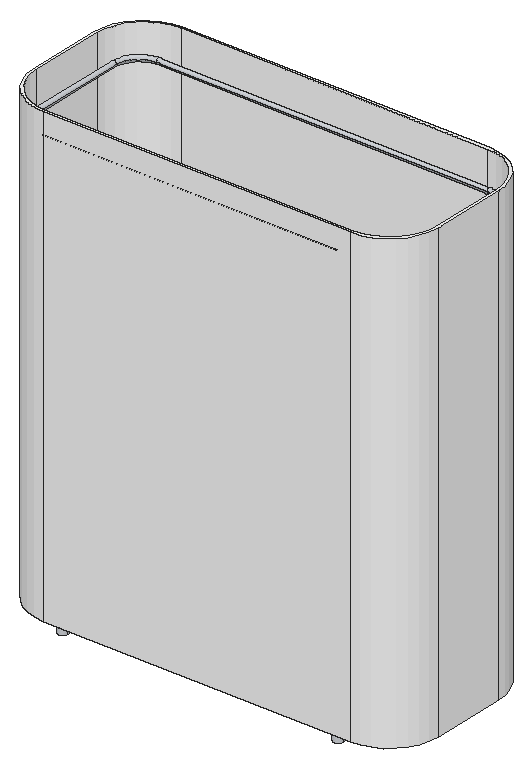
Revit family "REVIT-MG-1025-Drop-", category Furniture, Revit 2016
Family settings
  OmniClass Number = 23.40.20.00
  OmniClass Title = General Furniture and Specialties
  Work Plane-Based = No
  Always vertical = Yes
  Cut with Voids When Loaded = No
  Shared = No
  Room Calculation Point = No
Parameters (values of type "MG-1025")
  URL = "www.magnusongroup.com"
  Type Comments = "Huddle Rooms"  # constant formula
  Salvage or Reuse = yes
  Percentage of Recycled Content = 0
  Model = "MG-1025"
  Manufacturer = "Magnuson Group"  # constant formula
  Low Emitting Material = yes
  Low Emitting Finish = yes
  Revit File Built By = "https://servex-us.com/servex-revit/"
  Description = "Drop Waste Receptacle"
Reference planes (in)
  plane 1 "Center Front/Back": y = 0
  plane 2: z = 0
  plane 3 "Center Left/Right": x = 0
Dimensions and locks (in)
  aligned and locked: level to plane 2
Nested families (in)
  nested 1: "Magnuson-Drop-Waste_Bin" at (8.26772, -3.54331, 0), type "Drop-20"
Definition of nested family "Magnuson-Drop-Waste_Bin"
  Parameters (values of type "Drop Mini")
    Width = 8.66142"
    URL = "www.magnusongroup.com"
    Type Comments = "Drop Waste Receptacles"  # constant formula
    Salvage or Reuse = yes
    Percentage of Recycled Content = 0
    Painted Steel = none
    Model = "Drop Mini"
    Manufacturer = "Magnuson Group"  # constant formula
    Low Emitting Material = yes
    Low Emitting Finish = yes
    Keynote = "12500"
    Height = 11.81102"
    Description = "Metal waste bin with stainless steel bag ring. Capacity 9.51 gallons"
    Depth = 8.66142"
    Cost = 0
    Assembly Code = "E2020200"
  Types (3): name | Width | Model | Height | Description | Depth
    Drop-10 | 13.77953" | "Drop-10" | 14.68504" | "Metal waste bin with stainless steel bag ring. Capacity 7.66 gallons" | 8.66142"
    Drop-20 | 16.53543" | "Drop-20" | 18.89764" | "Metal waste bin with stainless steel bag ring. Capacity 9.51 gallons" | 7.08661"
    Drop Mini | 8.66142" | "Drop Mini" | 11.81102" | "Metal waste bin with stainless steel bag ring. Capacity 9.51 gallons" | 8.66142"
  Reference planes (in)
    plane 1 "Center (Front/Back)": y = 0
    plane 2: z = 0
    plane 3 "Center (Left/Right)": x = 0
    plane 4: y = 4.33071
    plane 5: y = -4.33071
    plane 6: x = -4.33071
    plane 7: x = 4.33071
    plane 8: z = 11.81102
    plane 9: z = 0.25
    plane 10: z = 10.65002
    plane 11: z = 0.35
    plane 12: y = 4.13071
    plane 13: y = -4.13071
    plane 14: x = 1.68671
    plane 15: x = -1.68671
    plane 16: x = -4.23071
    plane 17: x = 4.23071
    plane 18: y = 4.23071
    plane 19: y = -4.23071
    plane 20: y = 3.72271
    plane 21: y = -3.72271
    plane 22: x = -3.82471
    plane 23: x = 3.82471
    plane 24: x = 3.92471
    plane 25: x = 3.72471
    plane 26: x = -3.72471
    plane 27: x = -3.92471
    plane 28: y = 3.62271
    plane 29: y = 3.82271
    plane 30: y = -3.62271
    plane 31: y = -3.82271
  Forms (in)
    Extrusion 1, solid, material <- "Painted Steel"
      sketch origin (0, 0, 0) x (1, 0, 0) y (0, 1, 0)
        loop
          arc (-2.33071, 4.33071) -> (-3.74492, 3.74492) -> (-4.33071, 2.33071) r 2
          line (-4.33071, 2.33071) -> (-4.33071, -2.33071)
          arc (-4.33071, -2.33071) -> (-3.74492, -3.74492) -> (-2.33071, -4.33071) r 2
          line (-2.33071, -4.33071) -> (2.33071, -4.33071)
          arc (2.33071, -4.33071) -> (3.74492, -3.74492) -> (4.33071, -2.33071) r 2
          line (4.33071, -2.33071) -> (4.33071, 2.33071)
          arc (4.33071, 2.33071) -> (3.74492, 3.74492) -> (2.33071, 4.33071) r 2
          line (2.33071, 4.33071) -> (-2.33071, 4.33071)
        loop
          arc (-2.33071, 4.23071) -> (-3.67421, 3.67421) -> (-4.23071, 2.33071) r 1.9
          line (-4.23071, 2.33071) -> (-4.23071, -2.33071)
          arc (-4.23071, -2.33071) -> (-3.67421, -3.67421) -> (-2.33071, -4.23071) r 1.9
          line (-2.33071, -4.23071) -> (2.33071, -4.23071)
          arc (2.33071, -4.23071) -> (3.67421, -3.67421) -> (4.23071, -2.33071) r 1.9
          line (4.23071, -2.33071) -> (4.23071, 2.33071)
          arc (4.23071, 2.33071) -> (3.67421, 3.67421) -> (2.33071, 4.23071) r 1.9
          line (2.33071, 4.23071) -> (-2.33071, 4.23071)
      from 0.25 to 11.81102
    Extrusion 2, solid
      sketch origin (0, 0, 0) x (1, 0, 0) y (0, 1, 0)
        loop
          line (-4.23071, 2.33071) -> (-4.23071, -2.33071)
          arc (-4.23071, -2.33071) -> (-3.67421, -3.67421) -> (-2.33071, -4.23071) r 1.9
          line (-2.33071, -4.23071) -> (2.33071, -4.23071)
          arc (2.33071, -4.23071) -> (3.67421, -3.67421) -> (4.23071, -2.33071) r 1.9
          line (4.23071, -2.33071) -> (4.23071, 2.33071)
          arc (4.23071, 2.33071) -> (3.67421, 3.67421) -> (2.33071, 4.23071) r 1.9
          line (2.33071, 4.23071) -> (-2.33071, 4.23071)
          arc (-2.33071, 4.23071) -> (-3.67421, 3.67421) -> (-4.23071, 2.33071) r 1.9
      from 0.25 to 0.35
    Extrusion 3, solid
      sketch origin (0, 0, 0) x (1, 0, 0) y (0, 1, 0)
        loop
          circle (1.68671, 4.13071) r 0.2
        loop
          circle (1.68671, -4.13071) r 0.2
        loop
          circle (-1.68671, 4.13071) r 0.2
        loop
          circle (-1.68671, -4.13071) r 0.2
      from 0 to 0.25
    Sweep 4, solid
      path origin (-9.72896, -60, 10.65002) x (-1, 0, 0) y (0, -1, 0)
        loop
          line (-5.90425, -62.72271) -> (-5.90425, -57.27729)
          arc (-5.90425, -57.27729) -> (-6.19714, -56.57018) -> (-6.90425, -56.27729) r 1
          line (-6.90425, -56.27729) -> (-12.55367, -56.27729)
          arc (-12.55367, -56.27729) -> (-13.26077, -56.57018) -> (-13.55367, -57.27729) r 1
          line (-13.55367, -57.27729) -> (-13.55367, -62.72271)
          arc (-13.55367, -62.72271) -> (-13.26077, -63.42982) -> (-12.55367, -63.72271) r 1
          line (-12.55367, -63.72271) -> (-6.90425, -63.72271)
          arc (-6.90425, -63.72271) -> (-6.19714, -63.42982) -> (-5.90425, -62.72271) r 1
      profile origin (-3.53182, 3.42982, 10.65002) x (-0.707107, 0.707107, 0) y (0, 0, 1)
        loop
          circle (0, 0) r 0.1
  Lines and regions (in)
    symbolic lines
      curve 1: line (-2.82471, 3.72271, 0) -> (2.82471, 3.72271, 0)
      curve 2: line (-3.82471, -2.72271, 0) -> (-3.82471, 2.72271, 0)
      curve 3: line (2.82471, -3.72271, 0) -> (-2.82471, -3.72271, 0)
      curve 4: line (3.82471, 2.72271, 0) -> (3.82471, -2.72271, 0)
      curve 5: arc (-3.82471, 2.72271, 0) -> (-3.53182, 3.42982, 0) -> (-2.82471, 3.72271, 0) r 1
      curve 6: arc (3.82471, 2.72271, 0) -> (3.53182, 3.42982, 0) -> (2.82471, 3.72271, 0) r 1
      curve 7: arc (-3.82471, -2.72271, 0) -> (-3.53182, -3.42982, 0) -> (-2.82471, -3.72271, 0) r 1
      curve 8: arc (3.82471, -2.72271, 0) -> (3.53182, -3.42982, 0) -> (2.82471, -3.72271, 0) r 1
      curve 9: line (2.33071, 4.33071, 10.65002) -> (-2.33071, 4.33071, 10.65002)
      curve 10: arc (-2.33071, 4.33071, 10.65002) -> (-3.74492, 3.74492, 10.65002) -> (-4.33071, 2.33071, 10.65002) r 2
      curve 11: line (-4.33071, 2.33071, 10.65002) -> (-4.33071, -2.33071, 10.65002)
      curve 12: arc (-4.33071, -2.33071, 10.65002) -> (-3.74492, -3.74492, 10.65002) -> (-2.33071, -4.33071, 10.65002) r 2
      curve 13: line (-2.33071, -4.33071, 10.65002) -> (2.33071, -4.33071, 10.65002)
      curve 14: arc (2.33071, -4.33071, 10.65002) -> (3.74492, -3.74492, 10.65002) -> (4.33071, -2.33071, 10.65002) r 2
      curve 15: line (4.33071, -2.33071, 10.65002) -> (4.33071, 2.33071, 10.65002)
      curve 16: arc (4.33071, 2.33071, 10.65002) -> (3.74492, 3.74492, 10.65002) -> (2.33071, 4.33071, 10.65002) r 2
      curve 17: arc (-4.23071, 2.33071, 10.65002) -> (-3.67421, 3.67421, 10.65002) -> (-2.33071, 4.23071, 10.65002) r 1.9
      curve 18: line (-2.33071, 4.23071, 10.65002) -> (2.33071, 4.23071, 10.65002)
      curve 19: arc (2.33071, 4.23071, 10.65002) -> (3.67421, 3.67421, 10.65002) -> (4.23071, 2.33071, 10.65002) r 1.9
      curve 20: line (4.23071, 2.33071, 10.65002) -> (4.23071, -2.33071, 10.65002)
      curve 21: arc (4.23071, -2.33071, 10.65002) -> (3.67421, -3.67421, 10.65002) -> (2.33071, -4.23071, 10.65002) r 1.9
      curve 22: line (2.33071, -4.23071, 10.65002) -> (-2.33071, -4.23071, 10.65002)
      curve 23: arc (-2.33071, -4.23071, 10.65002) -> (-3.67421, -3.67421, 10.65002) -> (-4.23071, -2.33071, 10.65002) r 1.9
      curve 24: line (-4.23071, -2.33071, 10.65002) -> (-4.23071, 2.33071, 10.65002)
      curve 25: line (-2.82471, -3.62271, 10.65002) -> (2.82471, -3.62271, 10.65002)
      curve 26: line (2.82471, -3.82271, 10.65002) -> (-2.82471, -3.82271, 10.65002)
      curve 27: line (-3.92471, -2.72271, 10.65002) -> (-3.92471, 2.72271, 10.65002)
      curve 28: line (-3.72471, 2.72271, 10.65002) -> (-3.72471, -2.72271, 10.65002)
      curve 29: line (2.82471, 3.62271, 10.65002) -> (-2.82471, 3.62271, 10.65002)
      curve 30: line (-2.82471, 3.82271, 10.65002) -> (2.82471, 3.82271, 10.65002)
      curve 31: line (3.72471, -2.72271, 10.65002) -> (3.72471, 2.72271, 10.65002)
      curve 32: line (3.92471, 2.72271, 10.65002) -> (3.92471, -2.72271, 10.65002)
      curve 33: arc (-3.92471, 2.72271, 10.65002) -> (-3.60253, 3.50053, 10.65002) -> (-2.82471, 3.82271, 10.65002) r 1.1
      curve 34: arc (-2.82471, 3.62271, 10.65002) -> (-3.4611, 3.3591, 10.65002) -> (-3.72471, 2.72271, 10.65002) r 0.9
      curve 35: arc (3.92471, 2.72271, 10.65002) -> (3.60253, 3.50053, 10.65002) -> (2.82471, 3.82271, 10.65002) r 1.1
      curve 36: arc (2.82471, 3.62271, 10.65002) -> (3.4611, 3.3591, 10.65002) -> (3.72471, 2.72271, 10.65002) r 0.9
      curve 37: arc (-3.92471, -2.72271, 10.65002) -> (-3.60253, -3.50053, 10.65002) -> (-2.82471, -3.82271, 10.65002) r 1.1
      curve 38: arc (-2.82471, -3.62271, 10.65002) -> (-3.4611, -3.3591, 10.65002) -> (-3.72471, -2.72271, 10.65002) r 0.9
      curve 39: arc (3.92471, -2.72271, 10.65002) -> (3.60253, -3.50053, 10.65002) -> (2.82471, -3.82271, 10.65002) r 1.1
      curve 40: arc (2.82471, -3.62271, 10.65002) -> (3.4611, -3.3591, 10.65002) -> (3.72471, -2.72271, 10.65002) r 0.9
  Dimensions and locks (in)
    equal spacing: plane 5, plane 1 "Center (Front/Back)", plane 4
    "Depth": plane 4 to plane 5
    equal spacing: plane 6, plane 3 "Center (Left/Right)", plane 7
    "Width": plane 6 to plane 7
    "Height": plane 8 to plane 2
    plane 11 to plane 9 to plane 2 = 0.1" locked, 1/4" locked
    locked: plane 8 to plane 10 at 1.161
    locked: plane 4 to plane 12 at 0.2
    locked: plane 5 to plane 13 at 0.2
    locked: plane 14 to plane 7 at 2.644
    locked: plane 6 to plane 15 at 2.644
    locked: plane 6 to plane 16 at 0.1
    locked: plane 17 to plane 7 at 0.1
    locked: plane 4 to plane 18 at 0.1
    locked: plane 5 to plane 19 at 0.1
    locked: plane 4 to plane 20 at 0.608
    locked: plane 5 to plane 21 at 0.608
    locked: plane 6 to plane 22 at 0.506
    locked: plane 23 to plane 7 at 0.506
    plane 31 to plane 21 to plane 30 = 0.1" locked, 0.1" locked
    plane 28 to plane 20 to plane 29 = 0.1" locked, 0.1" locked
    plane 25 to plane 23 to plane 24 = 0.1" locked, 0.1" locked
    plane 27 to plane 22 to plane 26 = 0.1" locked, 0.1" locked
    aligned and locked: level to plane 2
    aligned and locked: Extrusion 1 sketch curve to plane 4
    aligned and locked: plane 6 to Extrusion 1 sketch curve
    aligned and locked: Extrusion 1 sketch curve to plane 5
    aligned and locked: plane 7 to Extrusion 1 sketch curve
    aligned and locked: Extrusion 1 sketch curve to plane 18
    aligned and locked: plane 16 to Extrusion 1 sketch curve
    aligned and locked: Extrusion 1 sketch curve to plane 19
    aligned and locked: plane 17 to Extrusion 1 sketch curve
    aligned and locked: Extrusion 1 to plane 9
    aligned and locked: Extrusion 2 sketch curve to Extrusion 1  (x4)
    aligned and locked: Extrusion 2 to plane 9
    aligned and locked: plane 11 to Extrusion 2
    aligned and locked: plane 8 to Extrusion 1
    aligned and locked: plane 14 to Extrusion 3 sketch curve
    aligned and locked: plane 12 to Extrusion 3 sketch curve  (x2)
    aligned and locked: Extrusion 3 sketch curve to plane 14
    aligned and locked: Extrusion 3 sketch curve to plane 13  (x2)
    aligned and locked: plane 15 to Extrusion 3 sketch curve  (x2)
    aligned and locked: Extrusion 3 to level
    aligned and locked: plane 9 to Extrusion 3
    aligned and locked: curve 1 to plane 20
    aligned and locked: plane 22 to curve 2
    aligned and locked: curve 3 to plane 21
    aligned and locked: plane 23 to curve 4
    aligned and locked: Sweep 4 sketch curve to curve 5
    aligned and locked: Sweep 4 sketch curve to curve 6
    aligned and locked: Sweep 4 sketch curve to curve 7
    aligned and locked: Sweep 4 sketch curve to curve 8
    aligned and locked: plane 30 to curve 25
    aligned and locked: curve 26 to plane 31
    aligned and locked: curve 29 to plane 28
    aligned and locked: plane 29 to curve 30
    aligned and locked: plane 26 to curve 28
    aligned and locked: curve 27 to plane 27
    aligned and locked: curve 31 to plane 25
    aligned and locked: plane 24 to curve 32
  Automatic sketch dimensions
    Extrusion 1 sketch curve to Extrusion 1 sketch curve = 0"  (x4)
    plane 15 to Extrusion 1 sketch curve = 0.644"  (x2)
    plane 14 to Extrusion 1 sketch curve = 0.644"  (x2)
    curve 7 to plane 21 = 1"
    curve 5 to plane 20 = 1"
    curve 6 to plane 20 = 1"
    curve 4 to plane 21 = 1"
    plane 10 to Sweep 4 sketch curve = 0"
    Sweep 4 sketch curve to profile plane = 0"
    curve 10 to curve 17 = 0"  (x2)
    curve 12 to curve 23 = 0"  (x2)
    curve 14 to curve 21 = 0"  (x2)
    curve 16 to curve 19 = 0"
    curve 33 to curve 34 = 0"
    curve 35 to curve 36 = 0"
    curve 37 to curve 38 = 0"
    curve 39 to curve 40 = 0"
    curve 15 to plane 7 = 0"
    curve 21 to plane 17 = 0"
    curve 19 to plane 18 = 0"
    plane 19 to curve 21 = 0"
    curve 24 to plane 16 = 0"
    curve 40 to curve 39 = 0.9"
    plane 25 to curve 30 = 0.9"
    curve 35 to curve 19 = 0.494"
    curve 40 to curve 21 = 0.494"
    plane 15 to curve 22 = 0.644"
    plane 15 to curve 9 = 0.644"
    curve 17 to curve 30 = 0.494"
    curve 12 to curve 37 = 0.494"
    radius of Extrusion 3 sketch curve = 0.2"  (x4)
    radius of Sweep 4 sketch curve = 0.1"
